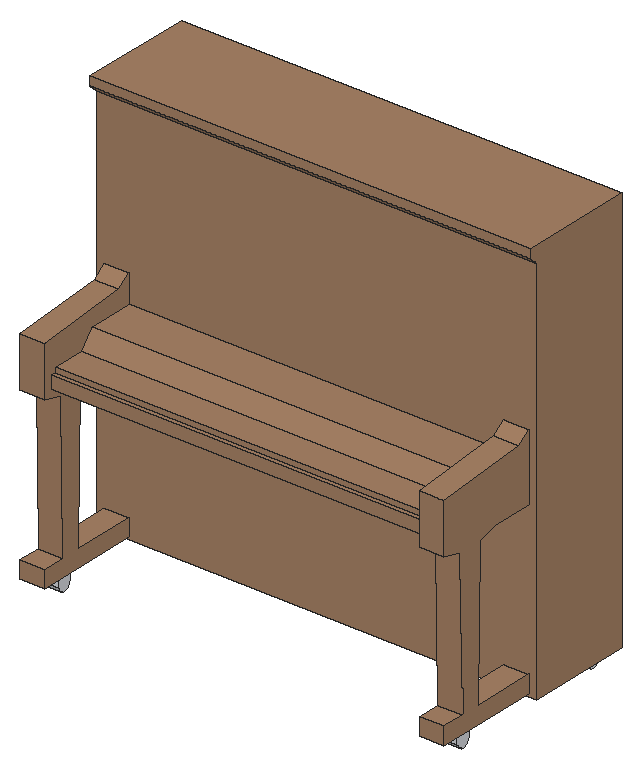
Revit family
Parameters (values of type "1520 x 660 x 1320mm")
  Keynote = "N"
  Assembly Code = ""
  Depth = 660 mm
  Height = 1320 mm
  Length = 1371.6 mm
Types (2, lengths in mm): name | Depth | Height
  1370 x 600 x 1170mm | 600 | 1170
  1520 x 660 x 1320mm | 660 | 1320
Reference planes
  plane 1 "Center F/B": y = 0
  plane 2: z = 0
  plane 3 "Center L/R": x = -222.616
  plane 4: y = -660
  plane 5: x = -908.416
  plane 6: x = 463.184
  plane 7: y = -330
  plane 8: z = 1320
  plane 9: x = -883.016
  plane 10: x = 437.784
  plane 11: x = -806.816
  plane 12: x = 361.584
  plane 13: y = -558.586
  plane 14: y = -508.186
  plane 15: y = -50.8
  plane 16: y = -508.186
  plane 17: y = -50.8
  plane 18: y = -558.4
Forms (mm)
  Extrusion 1, solid, material "Wood - Mahogany"
    sketch origin (-222.616, 0, 0) x (0, 1, 0) y (0, 0, 1)
      loop
        line (0, 50.8) -> (0, 1320) -> (-355.023, 1320) -> (-355.023, 1293.136) -> (-330, 1268.113) -> (-330, 50.8) -> (0, 50.8)
    from -685.8 to 685.8
  Extrusion 2, solid, material "Wood - Mahogany"
    sketch origin (463.184, 0, 0) x (0, 1, 0) y (0, 0, 1)
      loop
        line (-330, 795.733) -> (-369.806, 767.593) -> (-660, 742.187) -> (-660, 586.046) -> (-596.388, 569.002) -> (-588.414, 112.144) -> (-660, 112.144) -> (-660, 58.423) -> (-330, 58.423) -> (-330, 112.144) -> (-528.758, 112.144) -> (-520.783, 569.002) -> (-457.171, 586.046) -> (-330, 586.046) -> (-330, 795.733)
    from -1346.2 to -1270
  Extrusion 3, solid, material "Wood - Mahogany"
    sketch origin (2157, 0, 0) x (0, 1, 0) y (0, 0, 1)
      loop
        line (-330, 795.733) -> (-369.806, 767.593) -> (-660, 742.187) -> (-660, 586.046) -> (-596.388, 569.002) -> (-588.414, 112.144) -> (-660, 112.144) -> (-660, 58.423) -> (-330, 58.423) -> (-330, 112.144) -> (-528.758, 112.144) -> (-520.783, 569.002) -> (-457.171, 586.046) -> (-330, 586.046) -> (-330, 795.733)
    from -1795.416 to -1719.216
  Extrusion 4, solid, material "Wood - Mahogany"
    sketch origin (437.784, 0, 0) x (0, 1, 0) y (0, 0, 1)
      loop
        line (-637.031, 607.329) -> (-330, 607.329) -> (-330, 709.637) -> (-477.175, 709.637) -> (-518.749, 660.091) -> (-621.045, 660.091) -> (-621.045, 645.695) -> (-637.031, 645.695) -> (-637.031, 607.329)
    from -1244.6 to -76.2
  Extrusion 5, solid
    sketch origin (437.784, 0, 0) x (0, 1, 0) y (0, 0, 1)
      loop
        line (-558.586, 58.423) -> (-568.039, 58.423) -> (-568.039, 38.279) -> (-581.146, 38.279) -> (-581.146, 19.14) -> (-577.725, 19.14)
        arc (-577.725, 19.14) -> (-558.586, 0) -> (-539.446, 19.14) r 19.14
        line (-539.446, 19.14) -> (-536.026, 19.14) -> (-536.026, 38.279) -> (-549.227, 38.279) -> (-549.227, 58.423) -> (-558.586, 58.423)
    from -59.654 to -21.554
  Extrusion 6, solid
    sketch origin (736.6, 0, 113.69) x (0, 1, 0) y (0, 0, 1)
      loop
        line (-50.8, -62.89) -> (-60.254, -62.89) -> (-60.254, -75.41) -> (-73.36, -75.41) -> (-73.36, -94.55) -> (-69.94, -94.55)
        arc (-69.94, -94.55) -> (-50.8, -113.69) -> (-31.66, -94.55) r 19.14
        line (-31.66, -94.55) -> (-28.24, -94.55) -> (-28.24, -75.41) -> (-41.441, -75.41) -> (-41.441, -62.89) -> (-50.8, -62.89)
    from -358.469 to -320.369
  Extrusion 7, solid
    sketch origin (-736.6, 0, 113.69) x (0, 1, 0) y (0, 0, -1)
      loop
        line (-50.8, 62.89) -> (-41.441, 62.89) -> (-41.441, 75.41) -> (-28.24, 75.41) -> (-28.24, 94.55) -> (-31.66, 94.55)
        arc (-31.66, 94.55) -> (-50.8, 113.69) -> (-69.94, 94.55) r 19.14
        line (-69.94, 94.55) -> (-73.36, 94.55) -> (-73.36, 75.41) -> (-60.254, 75.41) -> (-60.254, 62.89) -> (-50.8, 62.89)
    from 90.27 to 129.204
  Extrusion 8, solid
    sketch origin (-698.5, 0, 0) x (0, 1, 0) y (0, 0, -1)
      loop
        line (-558.4, -58.423) -> (-549.041, -58.423) -> (-549.041, -38.279) -> (-535.84, -38.279) -> (-535.84, -19.14) -> (-539.26, -19.14)
        arc (-539.26, -19.14) -> (-558.4, 0) -> (-577.54, -19.14) r 19.14
        line (-577.54, -19.14) -> (-580.96, -19.14) -> (-580.96, -38.279) -> (-567.854, -38.279) -> (-567.854, -58.423) -> (-558.4, -58.423)
    from 128.37 to 167.304
Lines and regions (mm)
  Masking region 1
    outline origin (0, 0, 0) x (1, 0, 0) y (0, 1, 0)
      loop
        line (-908.416, 0) -> (-908.416, -330) -> (-883.016, -330) -> (-883.016, -660) -> (-806.816, -660) -> (-806.816, -637.031) -> (361.584, -637.031) -> (361.584, -660) -> (437.784, -660) -> (437.784, -330) -> (463.184, -330) -> (463.184, 0) -> (-908.416, 0)
  symbolic lines
    curve 1: line (-908.416, 0, 0) -> (-908.416, -330, 0)
    curve 2: line (-908.416, -330, 0) -> (-883.016, -330, 0)
    curve 3: line (-883.016, -330, 0) -> (-883.016, -660, 0)
    curve 4: line (-883.016, -660, 0) -> (-806.816, -660, 0)
    curve 5: line (-806.816, -660, 0) -> (-806.816, -637.031, 0)
    curve 6: line (-806.816, -637.031, 0) -> (361.584, -637.031, 0)
    curve 7: line (361.584, -637.031, 0) -> (361.584, -660, 0)
    curve 8: line (361.584, -660, 0) -> (437.784, -660, 0)
    curve 9: line (437.784, -660, 0) -> (437.784, -330, 0)
    curve 10: line (437.784, -330, 0) -> (463.184, -330, 0)
    curve 11: line (463.184, -330, 0) -> (463.184, 0, 0)
    curve 12: line (463.184, 0, 0) -> (-908.416, 0, 0)
    curve 13: line (-908.416, -330, 0) -> (463.184, -330, 0)
    curve 14: line (-806.816, -330, 0) -> (-806.816, -637.031, 0)
    curve 15: line (361.584, -330, 0) -> (361.584, -637.031, 0)
    curve 16: line (-806.816, -518.749, 0) -> (361.584, -518.749, 0)
Dimensions and locks
  "Depth": plane 4 to plane 1 "Center F/B"
  equal spacing: plane 4, plane 7, plane 1 "Center F/B"
  "Height": plane 8 to plane 2
  locked: Extrusion 1 sketch curve to plane 2 at 50.8
  locked: Extrusion 2 sketch curve to plane 2 at 58.423
  locked: Extrusion 2 sketch curve to Extrusion 2 sketch curve at 53.721
  locked: Extrusion 2 sketch curve to Extrusion 2 sketch curve at 456.858
  locked: plane 4 to Extrusion 2 sketch curve at 71.586
  locked: plane 4 to Extrusion 2 sketch curve at 131.242
  locked: Extrusion 3 sketch curve to Extrusion 3 sketch curve at 53.721
  locked: Extrusion 3 sketch curve to Extrusion 3 sketch curve at 456.858
  locked: plane 4 to Extrusion 4 sketch curve at 22.969
  locked: Extrusion 4 sketch curve to plane 2 at 607.329
  locked: Extrusion 4 sketch curve to plane 2 at 645.695
  locked: Extrusion 4 sketch curve to plane 2 at 660.091
  locked: Extrusion 4 sketch curve to plane 2 at 709.637
  locked: Extrusion 4 sketch curve to Extrusion 4 sketch curve at 15.986
  locked: Extrusion 4 sketch curve to Extrusion 4 sketch curve at 159.855
  locked: Extrusion 5 sketch curve to plane 13 at 22.56
  plane 13 to Extrusion 5 sketch curve = 22.56 mm
  locked: plane 15 to plane 1 "Center F/B" at 50.8
  locked: plane 4 to plane 13 at 101.414
  locked: plane 18 to plane 4 at 101.6
  plane 11 to plane 9 to plane 5 = 76.2 mm locked, 25.4 mm locked
  plane 6 to plane 10 to plane 12 = 25.4 mm locked, 76.2 mm locked
  equal spacing: plane 5, plane 3 "Center L/R", plane 6
  "Length": plane 5 to plane 6
  plane 12 to Extrusion 5 to Extrusion 5 to plane 10 = 16.546 mm, 38.1 mm, 21.554 mm
  plane 9 to Extrusion 8 to Extrusion 8 to plane 11 = 17.211 mm, 38.935 mm locked, 20.054 mm locked
  aligned and locked: Extrusion 1 sketch curve to plane 7
  aligned and locked: plane 1 "Center F/B" to Extrusion 1 sketch curve
  aligned and locked: plane 4 to Extrusion 2 sketch curve
  aligned and locked: Extrusion 2 sketch curve to plane 7
  aligned and locked: plane 9 to Extrusion 2
  aligned and locked: Extrusion 2 to plane 11
  aligned and locked: Extrusion 2 sketch curve to plane 4
  aligned and locked: plane 7 to Extrusion 2 sketch curve
  aligned and locked: plane 10 to Extrusion 3
  aligned and locked: Extrusion 3 to plane 12
  aligned and locked: Extrusion 3 to plane 7
  aligned and locked: plane 4 to Extrusion 3
  aligned and locked: Extrusion 4 sketch curve to plane 7
  aligned and locked: plane 11 to Extrusion 4
  aligned and locked: Extrusion 4 to plane 12
  aligned and locked: plane 13 to Extrusion 5 sketch curve
  aligned and locked: Extrusion 6 sketch curve to Extrusion 1
  aligned and locked: Extrusion 5 to Extrusion 6  (x2)
  aligned and locked: plane 17 to Extrusion 7 sketch curve
  aligned and locked: curve 12 to plane 1 "Center F/B"
  aligned and locked: plane 9 to curve 3
  aligned and locked: curve 1 to plane 5
  aligned and locked: plane 7 to curve 2
  aligned and locked: curve 5 to plane 11
  aligned and locked: curve 6 to Extrusion 4
  aligned and locked: plane 4 to curve 4
  aligned and locked: plane 12 to curve 7
  aligned and locked: plane 4 to curve 8
  aligned and locked: curve 9 to plane 10
  aligned and locked: plane 7 to curve 10
  aligned and locked: plane 6 to curve 11
  aligned and locked: plane 11 to curve 14
  aligned and locked: plane 12 to curve 15
  aligned and locked: curve 16 to Extrusion 4
  aligned and locked: Extrusion 8 to Extrusion 7
  aligned and locked: plane 8 to Extrusion 1 sketch curve
Automatic sketch dimensions
  Extrusion 2 sketch curve to plane 4 = 63.612 mm
  Extrusion 2 sketch curve to Extrusion 2 sketch curve = 75.605 mm
  Extrusion 2 sketch curve to Extrusion 2 sketch curve = 63.612 mm
  plane 7 to Extrusion 2 sketch curve = 39.806 mm
  Extrusion 2 sketch curve to Extrusion 2 sketch curve = 0 mm  (x2)
  Extrusion 2 sketch curve to Extrusion 2 sketch curve = 17.045 mm  (x2)
  Extrusion 2 sketch curve to Extrusion 2 sketch curve = 156.141 mm
  Extrusion 2 sketch curve to Extrusion 2 sketch curve = 181.547 mm
  Extrusion 2 sketch curve to Extrusion 2 sketch curve = 28.14 mm
  Extrusion 3 sketch curve to Extrusion 3 sketch curve = 75.605 mm
  Extrusion 3 sketch curve to Extrusion 3 sketch curve = 63.612 mm
  Extrusion 3 sketch curve to Extrusion 3 sketch curve = 0 mm  (x2)
  Extrusion 3 sketch curve to Extrusion 3 sketch curve = 17.045 mm  (x2)
  Extrusion 3 sketch curve to Extrusion 3 sketch curve = 156.141 mm
  Extrusion 3 sketch curve to Extrusion 3 sketch curve = 181.547 mm
  Extrusion 3 sketch curve to Extrusion 3 sketch curve = 28.14 mm
  plane 4 to Extrusion 3 sketch curve = 0 mm  (x2)
  plane 7 to Extrusion 3 sketch curve = 0 mm  (x2)
  Extrusion 3 sketch curve to plane 4 = 63.612 mm
  Extrusion 3 sketch curve to Extrusion 3 sketch curve = 71.586 mm
  Extrusion 3 sketch curve to Extrusion 3 sketch curve = 59.656 mm
  plane 7 to Extrusion 3 sketch curve = 39.806 mm
  level to Extrusion 3 sketch curve = 58.423 mm
  Extrusion 4 sketch curve to Extrusion 4 sketch curve = 41.574 mm
  Extrusion 5 sketch curve to plane 13 = 0 mm
  Extrusion 5 sketch curve to Extrusion 5 sketch curve = 3.42 mm
  Extrusion 5 sketch curve to Extrusion 5 sketch curve = 9.454 mm
  Extrusion 5 sketch curve to plane 13 = 9.359 mm
  level to Extrusion 5 sketch curve = 19.14 mm
  Extrusion 5 sketch curve to Extrusion 5 sketch curve = 19.14 mm
  Extrusion 5 sketch curve to Extrusion 5 sketch curve = 0 mm
  Extrusion 5 sketch curve to Extrusion 5 sketch curve = 20.144 mm
  Extrusion 6 sketch curve to plane 15 = 0 mm  (x3)
  plane 15 to Extrusion 6 sketch curve = 9.454 mm
  Extrusion 6 sketch curve to Extrusion 6 sketch curve = 0 mm  (x21)
  plane 15 to Extrusion 6 sketch curve = 19.14 mm
  Extrusion 6 sketch curve to Extrusion 6 sketch curve = 3.42 mm
  Extrusion 6 sketch curve to Extrusion 6 sketch curve = 9.359 mm
  Extrusion 6 sketch curve to Extrusion 6 sketch curve = 13.201 mm
  Extrusion 6 sketch curve to Extrusion 6 sketch curve = 12.521 mm  (x2)
  level to Extrusion 6 sketch curve = 19.14 mm
  Extrusion 7 sketch curve to plane 17 = 0 mm
  plane 17 to Extrusion 7 sketch curve = 9.454 mm
  plane 17 to Extrusion 7 sketch curve = 19.14 mm
  Extrusion 7 sketch curve to Extrusion 7 sketch curve = 3.42 mm
  Extrusion 7 sketch curve to Extrusion 7 sketch curve = 9.359 mm
  Extrusion 7 sketch curve to Extrusion 7 sketch curve = 13.201 mm
  level to Extrusion 7 sketch curve = 19.14 mm
  Extrusion 7 sketch curve to Extrusion 7 sketch curve = 19.14 mm
  Extrusion 7 sketch curve to Extrusion 7 sketch curve = 0 mm
  Extrusion 7 sketch curve to Extrusion 7 sketch curve = 12.521 mm
  Extrusion 8 sketch curve to plane 18 = 0 mm  (x2)
  Extrusion 8 sketch curve to Extrusion 8 sketch curve = 3.42 mm
  Extrusion 8 sketch curve to Extrusion 8 sketch curve = 9.454 mm
  Extrusion 8 sketch curve to plane 18 = 9.359 mm
  level to Extrusion 8 sketch curve = 19.14 mm
  Extrusion 8 sketch curve to Extrusion 8 sketch curve = 19.14 mm  (x2)
  Extrusion 8 sketch curve to Extrusion 8 sketch curve = 0 mm
  Extrusion 8 sketch curve to Extrusion 8 sketch curve = 20.144 mm
  Extrusion 8 sketch curve to Extrusion 8 sketch curve = 13.201 mm
  plane 7 to Extrusion 1 sketch curve = 25.023 mm
  plane 8 to Extrusion 1 sketch curve = 51.887 mm
  Extrusion 1 sketch curve to Extrusion 1 sketch curve = 26.864 mm
  Masking region 1 sketch curve to plane 5 = 0 mm
  Masking region 1 sketch curve to plane 9 = 0 mm
  Masking region 1 sketch curve to plane 11 = 0 mm
  Masking region 1 sketch curve to plane 4 = 0 mm  (x2)
  Masking region 1 sketch curve to plane 12 = 0 mm
  Masking region 1 sketch curve to plane 10 = 0 mm
  Masking region 1 sketch curve to plane 6 = 0 mm
  Masking region 1 sketch curve to plane 7 = 0 mm  (x2)
  Masking region 1 sketch curve to plane 1 "Center F/B" = 0 mm
  Masking region 1 sketch curve to plane 4 = 22.969 mm
